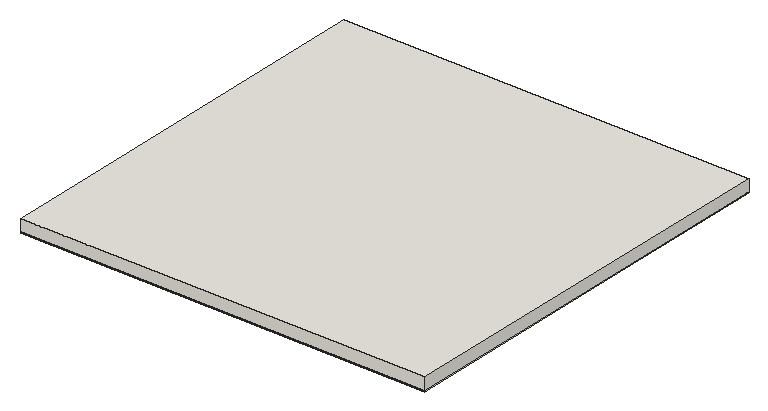
Revit family "ERA_LF_CS_SPO-6-36", category Осветительные приборы, Revit 2019
Family settings
  Размер круглого соединителя = Использовать диаметр
  Тип детали = Нормальный
  Номер OmniClass = 23.80.70.00
  Заголовок OmniClass = Lighting
  На основе рабочей плоскости = Нет
  Всегда вертикально = Да
  При загрузке вырезать с полостями = Нет
  Источник света = Да
  Общий = Нет
  Точка расчета площади = Да
Parameters (values of type "SPO-6-36-4K-M, LED, IP40, 595х595х19 мм (ДхШхВ), 36 Вт, 4000 К, 3060 лм, класс защиты I, в комплекте (импульсный драйвер, поликарбонат)")
  built-in parameter 1150104 = 13.8 (stored number, unit not read)
  Чаша подвеса [instance] = yes
  built-in parameter 1150134 = 2
  Файл фотометрической сетки = "SPO-6-36-4K-M.ies"
  Угол наклона = 90.00°
  built-in parameter 1150142 = "IESNA: LM-63-1995          \r\n[TEST] Протокол № 18-17/св\r\n[DATA] 09.03.2017         \r\n[MANUFAC]??РА\r\n[LUMCAT] Светильник светодиодный\r\n[LUMINAIRE] SPO-6-36-4K-M \r\n[LAMPCAT] Светодиоды         \r\n[LAMP] 4x30 SMD2835 SanAn    \r\n[BALASTCAT]          \r\n[OTHER]          \r\n[MORE]          \r\nTILT=NONE          \r\n1 -1 0.99894272 1801 4 1 2 0.595 0.595 0.019 \r\n1 1 31.7        \r\n0 0.1 0.2 0.3 0.4 0.5 0.6 0.7 0.8 0.9 \r\n 1 1.1 1.2 1.3 1.4 1.5 1.6 1.7 1.8 1.9\r\n 2 2.1 2.2 2.3 2.4 2.5 2.6 2.7 2.8 2.9\r\n 3 3.1 3.2 3.3 3.4 3.5 3.6 3.7 3.8 3.9\r\n 4 4.1 4.2 4.3 4.4 4.5 4.6 4.7 4.8 4.9\r\n 5 5.1 5.2 5.3 5.4 5.5 5.6 5.7 5.8 5.9\r\n 6 6.1 6.2 6.3 6.4 6.5 6.6 6.7 6.8 6.9\r\n 7 7.1 7.2 7.3 7.4 7.5 7.6 7.7 7.8 7.9\r\n 8 8.1 8.2 8.3 8.4 8.5 8.6 8.7 8.8 8.9\r\n 9 9.1 9.2 9.3 9.4 9.5 9.6 9.7 9.8 9.9\r\n 10 10.1 10.2 10.3 10.4 10.5 10.6 10.7 10.8 10.9\r\n 11 11.1 11.2 11.3 11.4 11.5 11.6 11.7 11.8 11.9\r\n 12 12.1 12.2 12.3 12.4 12.5 12.6 12.7 12.8 12.9\r\n 13 13.1 13.2 13.3 13.4 13.5 13.6 13.7 13.8 13.9\r\n 14 14.1 14.2 14.3 14.4 14.5 14.6 14.7 14.8 14.9\r\n 15 15.1 15.2 15.3 15.4 15.5 15.6 15.7 15.8 15.9\r\n 16 16.1 16.2 16.3 16.4 16.5 16.6 16.7 16.8 16.9\r\n 17 17.1 17.2 17.3 17.4 17.5 17.6 17.7 17.8 17.9\r\n 18 18.1 18.2 18.3 18.4 18.5 18.6 18.7 18.8 18.9\r\n 19 19.1 19.2 19.3 19.4 19.5 19.6 19.7 19.8 19.9\r\n 20 20.1 20.2 20.3 20.4 20.5 20.6 20.7 20.8 20.9\r\n 21 21.1 21.2 21.3 21.4 21.5 21.6 21.7 21.8 21.9\r\n 22 22.1 22.2 22.3 22.4 22.5 22.6 22.7 22.8 22.9\r\n 23 23.1 23.2 23.3 23.4 23.5 23.6 23.7 23.8 23.9\r\n 24 24.1 24.2 24.3 24.4 24.5 24.6 24.7 24.8 24.9\r\n 25 25.1 25.2 25.3 25.4 25.5 25.6 25.7 25.8 25.9\r\n 26 26.1 26.2 26.3 26.4 26.5 26.6 26.7 26.8 26.9\r\n 27 27.1 27.2 27.3 27.4 27.5 27.6 27.7 27.8 27.9\r\n 28 28.1 28.2 28.3 28.4 28.5 28.6 28.7 28.8 28.9\r\n 29 29.1 29.2 29.3 29.4 29.5 29.6 29.7 29.8 29.9\r\n 30 30.1 30.2 30.3 30.4 30.5 30.6 30.7 30.8 30.9\r\n 31 31.1 31.2 31.3 31.4 31.5 31.6 31.7 31.8 31.9\r\n 32 32.1 32.2 32.3 32.4 32.5 32.6 32.7 32.8 32.9\r\n 33 33.1 33.2 33.3 33.4 33.5 33.6 33.7 33.8 33.9\r\n 34 34.1 34.2 34.3 34.4 34.5 34.6 34.7 34.8 34.9\r\n 35 35.1 35.2 35.3 35.4 35.5 35.6 35.7 35.8 35.9\r\n 36 36.1 36.2 36.3 36.4 36.5 36.6 36.7 36.8 36.9\r\n 37 37.1 37.2 37.3 37.4 37.5 37.6 37.7 37.8 37.9\r\n 38 38.1 38.2 38.3 38.4 38.5 38.6 38.7 38.8 38.9\r\n 39 39.1 39.2 39.3 39.4 39.5 39.6 39.7 39.8 39.9\r\n 40 40.1 40.2 40.3 40.4 40.5 40.6 40.7 40.8 40.9\r\n 41 41.1 41.2 41.3 41.4 41.5 41.6 41.7 41.8 41.9\r\n 42 42.1 42.2 42.3 42.4 42.5 42.6 42.7 42.8 42.9\r\n 43 43.1 43.2 43.3 43.4 43.5 43.6 43.7 43.8 43.9\r\n 44 44.1 44.2 44.3 44.4 44.5 44.6 44.7 44.8 44.9\r\n 45 45.1 45.2 45.3 45.4 45.5 45.6 45.7 45.8 45.9\r\n 46 46.1 46.2 46.3 46.4 46.5 46.6 46.7 46.8 46.9\r\n 47 47.1 47.2 47.3 47.4 47.5 47.6 47.7 47.8 47.9\r\n 48 48.1 48.2 48.3 48.4 48.5 48.6 48.7 48.8 48.9\r\n 49 49.1 49.2 49.3 49.4 49.5 49.6 49.7 49.8 49.9\r\n 50 50.1 50.2 50.3 50.4 50.5 50.6 50.7 50.8 50.9\r\n 51 51.1 51.2 51.3 51.4 51.5 51.6 51.7 51.8 51.9\r\n 52 52.1 52.2 52.3 52.4 52.5 52.6 52.7 52.8 52.9\r\n 53 53.1 53.2 53.3 53.4 53.5 53.6 53.7 53.8 53.9\r\n 54 54.1 54.2 54.3 54.4 54.5 54.6 54.7 54.8 54.9\r\n 55 55.1 55.2 55.3 55.4 55.5 55.6 55.7 55.8 55.9\r\n 56 56.1 56.2 56.3 56.4 56.5 56.6 56.7 56.8 56.9\r\n 57 57.1 57.2 57.3 57.4 57.5 57.6 57.7 57.8 57.9\r\n 58 58.1 58.2 58.3 58.4 58.5 58.6 58.7 58.8 58.9\r\n 59 59.1 59.2 59.3 59.4 59.5 59.6 59.7 59.8 59.9\r\n 60 60.1 60.2 60.3 60.4 60.5 60.6 60.7 60.8 60.9\r\n 61 61.1 61.2 61.3 61.4 61.5 61.6 61.7 61.8 61.9\r\n 62 62.1 62.2 62.3 62.4 62.5 62.6 62.7 62.8 62.9\r\n 63 63.1 63.2 63.3 63.4 63.5 63.6 63.7 63.8 63.9\r\n 64 64.1 64.2 64.3 64.4 64.5 64.6 64.7 64.8 64.9\r\n 65 65.1 65.2 65.3 65.4 65.5 65.6 65.7 65.8 65.9\r\n 66 66.1 66.2 66.3 66.4 66.5 66.6 66.7 66.8 66.9\r\n 67 67.1 67.2 67.3 67.4 67.5 67.6 67.7 67.8 67.9\r\n 68 68.1 68.2 68.3 68.4 68.5 68.6 68.7 68.8 68.9\r\n 69 69.1 69.2 69.3 69.4 69.5 69.6 69.7 69.8 69.9\r\n 70 70.1 70.2 70.3 70.4 70.5 70.6 70.7 70.8 70.9\r\n 71 71.1 71.2 71.3 71.4 71.5 71.6 71.7 71.8 71.9\r\n 72 72.1 72.2 72.3 72.4 72.5 72.6 72.7 72.8 72.9\r\n 73 73.1 73.2 73.3 73.4 73.5 73.6 73.7 73.8 73.9\r\n 74 74.1 74.2 74.3 74.4 74.5 74.6 74.7 74.8 74.9\r\n 75 75.1 75.2 75.3 75.4 75.5 75.6 75.7 75.8 75.9\r\n 76 76.1 76.2 76.3 76.4 76.5 76.6 76.7 76.8 76.9\r\n 77 77.1 77.2 77.3 77.4 77.5 77.6 77.7 77.8 77.9\r\n 78 78.1 78.2 78.3 78.4 78.5 78.6 78.7 78.8 78.9\r\n 79 79.1 79.2 79.3 79.4 79.5 79.6 79.7 79.8 79.9\r\n 80 80.1 80.2 80.3 80.4 80.5 80.6 80.7 80.8 80.9\r\n 81 81.1 81.2 81.3 81.4 81.5 81.6 81.7 81.8 81.9\r\n 82 82.1 82.2 82.3 82.4 82.5 82.6 82.7 82.8 82.9\r\n 83 83.1 83.2 83.3 83.4 83.5 83.6 83.7 83.8 83.9\r\n 84 84.1 84.2 84.3 84.4 84.5 84.6 84.7 84.8 84.9\r\n 85 85.1 85.2 85.3 85.4 85.5 85.6 85.7 85.8 85.9\r\n 86 86.1 86.2 86.3 86.4 86.5 86.6 86.7 86.8 86.9\r\n 87 87.1 87.2 87.3 87.4 87.5 87.6 87.7 87.8 87.9\r\n 88 88.1 88.2 88.3 88.4 88.5 88.6 88.7 88.8 88.9\r\n 89 89.1 89.2 89.3 89.4 89.5 89.6 89.7 89.8 89.9\r\n 90 90.1 90.2 90.3 90.4 90.5 90.6 90.7 90.8 90.9\r\n 91 91.1 91.2 91.3 91.4 91.5 91.6 91.7 91.8 91.9\r\n 92 92.1 92.2 92.3 92.4 92.5 92.6 92.7 92.8 92.9\r\n 93 93.1 93.2 93.3 93.4 93.5 93.6 93.7 93.8 93.9\r\n 94 94.1 94.2 94.3 94.4 94.5 94.6 94.7 94.8 94.9\r\n 95 95.1 95.2 95.3 95.4 95.5 95.6 95.7 95.8 95.9\r\n 96 96.1 96.2 96.3 96.4 96.5 96.6 96.7 96.8 96.9\r\n 97 97.1 97.2 97.3 97.4 97.5 97.6 97.7 97.8 97.9\r\n 98 98.1 98.2 98.3 98.4 98.5 98.6 98.7 98.8 98.9\r\n 99 99.1 99.2 99.3 99.4 99.5 99.6 99.7 99.8 99.9\r\n 100 100.1 100.2 100.3 100.4 100.5 100.6 100.7 100.8 100.9\r\n 101 101.1 101.2 101.3 101.4 101.5 101.6 101.7 101.8 101.9\r\n 102 102.1 102.2 102.3 102.4 102.5 102.6 102.7 102.8 102.9\r\n 103 103.1 103.2 103.3 103.4 103.5 103.6 103.7 103.8 103.9\r\n 104 104.1 104.2 104.3 104.4 104.5 104.6 104.7 104.8 104.9\r\n 105 105.1 105.2 105.3 105.4 105.5 105.6 105.7 105.8 105.9\r\n 106 106.1 106.2 106.3 106.4 106.5 106.6 106.7 106.8 106.9\r\n 107 107.1 107.2 107.3 107.4 107.5 107.6 107.7 107.8 107.9\r\n 108 108.1 108.2 108.3 108.4 108.5 108.6 108.7 108.8 108.9\r\n 109 109.1 109.2 109.3 109.4 109.5 109.6 109.7 109.8 109.9\r\n 110 110.1 110.2 110.3 110.4 110.5 110.6 110.7 110.8 110.9\r\n 111 111.1 111.2 111.3 111.4 111.5 111.6 111.7 111.8 111.9\r\n 112 112.1 112.2 112.3 112.4 112.5 112.6 112.7 112.8 112.9\r\n 113 113.1 113.2 113.3 113.4 113.5 113.6 113.7 113.8 113.9\r\n 114 114.1 114.2 114.3 114.4 114.5 114.6 114.7 114.8 114.9\r\n 115 115.1 115.2 115.3 115.4 115.5 115.6 115.7 115.8 115.9\r\n 116 116.1 116.2 116.3 116.4 116.5 116.6 116.7 116.8 116.9\r\n 117 117.1 117.2 117.3 117.4 117.5 117.6 117.7 117.8 117.9\r\n 118 118.1 118.2 118.3 118.4 118.5 118.6 118.7 118.8 118.9\r\n 119 119.1 119.2 119.3 119.4 119.5 119.6 119.7 119.8 119.9\r\n 120 120.1 120.2 120.3 120.4 120.5 120.6 120.7 120.8 120.9\r\n 121 121.1 121.2 121.3 121.4 121.5 121.6 121.7 121.8 121.9\r\n 122 122.1 122.2 122.3 122.4 122.5 122.6 122.7 122.8 122.9\r\n 123 123.1 123.2 123.3 123.4 123.5 123.6 123.7 123.8 123.9\r\n 124 124.1 124.2 124.3 124.4 124.5 124.6 124.7 124.8 124.9\r\n 125 125.1 125.2 125.3 125.4 125.5 125.6 125.7 125.8 125.9\r\n 126 126.1 126.2 126.3 126.4 126.5 126.6 126.7 126.8 126.9\r\n 127 127.1 127.2 127.3 127.4 127.5 127.6 127.7 127.8 127.9\r\n 128 128.1 128.2 128.3 128.4 128.5 128.6 128.7 128.8 128.9\r\n 129 129.1 129.2 129.3 129.4 129.5 129.6 129.7 129.8 129.9\r\n 130 130.1 130.2 130.3 130.4 130.5 130.6 130.7 130.8 130.9\r\n 131 131.1 131.2 131.3 131.4 131.5 131.6 131.7 131.8 131.9\r\n 132 132.1 132.2 132.3 132.4 132.5 132.6 132.7 132.8 132.9\r\n 133 133.1 133.2 133.3 133.4 133.5 133.6 133.7 133.8 133.9\r\n 134 134.1 134.2 134.3 134.4 134.5 134.6 134.7 134.8 134.9\r\n 135 135.1 135.2 135.3 135.4 135.5 135.6 135.7 135.8 135.9\r\n 136 136.1 136.2 136.3 136.4 136.5 136.6 136.7 136.8 136.9\r\n 137 137.1 137.2 137.3 137.4 137.5 137.6 137.7 137.8 137.9\r\n 138 138.1 138.2 138.3 138.4 138.5 138.6 138.7 138.8 138.9\r\n 139 139.1 139.2 139.3 139.4 139.5 139.6 139.7 139.8 139.9\r\n 140 140.1 140.2 140.3 140.4 140.5 140.6 140.7 140.8 140.9\r\n 141 141.1 141.2 141.3 141.4 141.5 141.6 141.7 141.8 141.9\r\n 142 142.1 142.2 142.3 142.4 142.5 142.6 142.7 142.8 142.9\r\n 143 143.1 143.2 143.3 143.4 143.5 143.6 143.7 143.8 143.9\r\n 144 144.1 144.2 144.3 144.4 144.5 144.6 144.7 144.8 144.9\r\n 145 145.1 145.2 145.3 145.4 145.5 145.6 145.7 145.8 145.9\r\n 146 146.1 146.2 146.3 146.4 146.5 146.6 146.7 146.8 146.9\r\n 147 147.1 147.2 147.3 147.4 147.5 147.6 147.7 147.8 147.9\r\n 148 148.1 148.2 148.3 148.4 148.5 148.6 148.7 148.8 148.9\r\n 149 149.1 149.2 149.3 149.4 149.5 149.6 149.7 149.8 149.9\r\n 150 150.1 150.2 150.3 150.4 150.5 150.6 150.7 150.8 150.9\r\n 151 151.1 151.2 151.3 151.4 151.5 151.6 151.7 151.8 151.9\r\n 152 152.1 152.2 152.3 152.4 152.5 152.6 152.7 152.8 152.9\r\n 153 153.1 153.2 153.3 153.4 153.5 153.6 153.7 153.8 153.9\r\n 154 154.1 154.2 154.3 154.4 154.5 154.6 154.7 154.8 154.9\r\n 155 155.1 155.2 155.3 155.4 155.5 155.6 155.7 155.8 155.9\r\n 156 156.1 156.2 156.3 156.4 156.5 156.6 156.7 156.8 156.9\r\n 157 157.1 157.2 157.3 157.4 157.5 157.6 157.7 157.8 157.9\r\n 158 158.1 158.2 158.3 158.4 158.5 158.6 158.7 158.8 158.9\r\n 159 159.1 159.2 159.3 159.4 159.5 159.6 159.7 159.8 159.9\r\n 160 160.1 160.2 160.3 160.4 160.5 160.6 160.7 160.8 160.9\r\n 161 161.1 161.2 161.3 161.4 161.5 161.6 161.7 161.8 161.9\r\n 162 162.1 162.2 162.3 162.4 162.5 162.6 162.7 162.8 162.9\r\n 163 163.1 163.2 163.3 163.4 163.5 163.6 163.7 163.8 163.9\r\n 164 164.1 164.2 164.3 164.4 164.5 164.6 164.7 164.8 164.9\r\n 165 165.1 165.2 165.3 165.4 165.5 165.6 165.7 165.8 165.9\r\n 166 166.1 166.2 166.3 166.4 166.5 166.6 166.7 166.8 166.9\r\n 167 167.1 167.2 167.3 167.4 167.5 167.6 167.7 167.8 167.9\r\n 168 168.1 168.2 168.3 168.4 168.5 168.6 168.7 168.8 168.9\r\n 169 169.1 169.2 169.3 169.4 169.5 169.6 169.7 169.8 169.9\r\n 170 170.1 170.2 170.3 170.4 170.5 170.6 170.7 170.8 170.9\r\n 171 171.1 171.2 171.3 171.4 171.5 171.6 171.7 171.8 171.9\r\n 172 172.1 172.2 172.3 172.4 172.5 172.6 172.7 172.8 172.9\r\n 173 173.1 173.2 173.3 173.4 173.5 173.6 173.7 173.8 173.9\r\n 174 174.1 174.2 174.3 174.4 174.5 174.6 174.7 174.8 174.9\r\n 175 175.1 175.2 175.3 175.4 175.5 175.6 175.7 175.8 175.9\r\n 176 176.1 176.2 176.3 176.4 176.5 176.6 176.7 176.8 176.9\r\n 177 177.1 177.2 177.3 177.4 177.5 177.6 177.7 177.8 177.9\r\n 178 178.1 178.2 178.3 178.4 178.5 178.6 178.7 178.8 178.9\r\n 179 179.1 179.2 179.3 179.4 179.5 179.6 179.7 179.8 179.9\r\n 180         \r\n0 90 180 270       \r\n1428.38 1419.71 1418.51 1424.72 1420.81 1420.91 1420.91 1415.35 1415.35 1414.35 \r\n 1420.76 1416.80 1421.66 1413.65 1412.15 1418.86 1413.15 1413.25 1419.11 1413.70\r\n 1408.29 1414.65 1414.10 1408.89 1415.00 1408.94 1403.68 1412.20 1413.50 1406.13\r\n 1411.49 1406.79 1400.37 1408.84 1403.03 1403.38 1409.69 1399.27 1399.82 1406.79\r\n 1396.32 1401.48 1401.48 1406.18 1390.95 1397.72 1404.23 1392.91 1399.62 1399.07\r\n 1396.67 1391.81 1391.81 1392.16 1398.12 1383.39 1389.55 1397.87 1385.39 1392.56\r\n 1382.54 1389.45 1389.45 1387.30 1386.60 1391.16 1376.98 1381.59 1390.30 1378.18\r\n 1388.10 1373.62 1373.62 1379.98 1386.95 1377.18 1382.54 1376.68 1372.67 1381.94\r\n 1377.13 1381.84 1367.41 1367.41 1374.37 1381.39 1370.16 1375.88 1377.88 1365.35\r\n 1378.08 1369.06 1374.42 1374.42 1369.41 1366.01 1373.12 1365.66 1368.66 1374.22\r\n 1365.46 1372.47 1361.80 1361.80 1367.96 1371.62 1356.89 1362.45 1371.02 1358.89\r\n 1368.71 1354.13 1360.60 1360.60 1367.61 1355.99 1362.05 1366.61 1353.48 1358.34\r\n 1355.74 1359.29 1364.65 1364.65 1351.58 1354.68 1363.30 1356.94 1356.99 1361.55\r\n 1350.78 1358.99 1356.09 1356.09 1353.18 1359.39 1360.35 1348.97 1354.93 1362.10\r\n 1356.39 1359.84 1345.57 1345.57 1351.83 1358.19 1349.07 1351.78 1356.89 1354.08\r\n 1351.88 1358.09 1347.02 1347.02 1352.28 1356.29 1343.51 1346.47 1352.48 1351.28\r\n 1351.28 1352.88 1339.40 1345.67 1351.73 1342.11 1344.16 1349.12 1348.22 1336.65\r\n 1341.91 1348.97 1336.75 1341.11 1345.27 1340.46 1332.74 1337.60 1343.91 1331.59\r\n 1335.75 1339.30 1333.64 1326.33 1331.04 1337.20 1324.78 1328.28 1331.19 1326.18\r\n 1318.16 1322.92 1328.88 1317.01 1319.77 1322.67 1319.87 1308.95 1314.61 1319.27\r\n 1310.75 1311.35 1314.16 1314.11 1300.78 1305.84 1310.75 1304.59 1301.13 1305.24\r\n 1305.74 1291.86 1296.02 1300.98 1295.97 1291.26 1295.22 1297.07 1282.19 1285.15\r\n 1291.21 1287.05 1281.64 1286.05 1287.80 1273.23 1275.93 1281.99 1283.55 1272.47\r\n 1276.78 1278.59 1266.01 1265.91 1271.52 1275.13 1262.40 1266.11 1269.12 1261.80\r\n 1255.29 1260.85 1265.06 1255.14 1255.99 1259.05 1260.25 1245.62 1248.63 1253.54\r\n 1252.79 1243.72 1247.68 1249.38 1240.11 1235.20 1239.81 1243.67 1233.30 1234.25\r\n 1236.25 1235.65 1222.33 1225.03 1228.74 1228.74 1218.67 1221.93 1223.08 1213.96\r\n 1208.95 1211.81 1216.21 1205.79 1205.19 1206.45 1206.80 1192.77 1193.07 1196.93\r\n 1198.58 1186.36 1188.36 1189.76 1188.46 1174.38 1176.44 1180.09 1179.74 1169.22\r\n 1171.93 1172.88 1169.67 1157.80 1160.31 1163.01 1164.76 1153.14 1155.05 1156.45\r\n 1155.45 1141.67 1143.42 1146.83 1149.69 1137.61 1138.71 1140.27 1140.22 1127.74\r\n 1127.34 1130.20 1133.75 1125.99 1123.08 1124.34 1125.39 1118.37 1111.21 1114.22\r\n 1117.27 1112.81 1106.30 1108.41 1109.11 1104.90 1094.53 1096.33 1099.54 1101.14\r\n 1089.42 1089.82 1091.32 1091.57 1080.55 1077.34 1080.20 1083.11 1080.65 1071.73\r\n 1073.54 1074.04 1073.24 1059.56 1060.36 1062.62 1065.17 1057.26 1054.05 1055.00\r\n 1055.15 1051.54 1039.72 1040.92 1043.08 1044.53 1034.76 1033.01 1033.56 1033.26\r\n 1027.60 1017.83 1018.83 1020.53 1022.09 1011.32 1010.21 1010.77 1009.96 1005.66\r\n 994.83 995.39 996.99 998.14 989.07 985.77 986.22 985.42 982.11 969.49\r\n 969.44 970.54 971.84 966.23 959.37 959.57 958.86 957.61 945.29 942.48\r\n 943.63 944.59 944.69 934.47 933.31 933.26 932.31 926.65 917.28 917.53\r\n 918.14 919.64 916.73 908.17 908.47 907.72 906.36 899.05 892.44 893.14\r\n 894.44 895.54 888.58 884.27 884.67 884.12 882.92 872.55 869.39 870.39\r\n 871.49 872.70 866.74 861.93 862.33 861.63 860.07 851.71 847.20 847.80\r\n 849.25 850.15 844.14 839.93 840.23 839.43 838.68 829.61 825.56 826.11\r\n 826.86 828.51 824.20 817.94 818.49 817.49 816.29 810.48 803.01 803.41\r\n 804.41 805.42 800.91 795.45 795.30 794.34 793.44 788.03 780.12 779.67\r\n 780.47 781.37 780.67 771.75 771.15 770.70 769.05 766.59 756.37 755.27\r\n 755.82 756.17 756.72 748.51 746.05 745.30 744.40 741.89 733.58 729.77\r\n 730.07 730.57 731.12 725.51 720.75 720.65 719.20 717.90 711.68 704.92\r\n 704.52 704.82 705.57 705.02 696.65 695.45 694.55 693.20 690.74 681.48\r\n 679.47 679.27 679.77 679.92 673.61 670.20 669.70 668.45 666.35 661.24\r\n 653.87 653.52 653.27 653.92 652.52 644.85 643.95 642.70 641.50 637.94\r\n 630.28 627.27 626.92 626.97 627.17 621.66 617.70 616.95 615.00 613.09\r\n 606.53 600.82 600.02 599.77 600.17 597.46 591.30 589.90 588.59 586.54\r\n 583.89 575.02 572.76 572.46 572.66 572.36 566.20 563.35 562.24 560.54\r\n 557.98 553.23 546.61 545.61 545.31 545.56 544.36 537.14 535.89 534.34\r\n 532.44 529.13 521.16 518.96 518.01 518.21 517.81 514.10 508.94 507.94\r\n 505.78 503.78 498.47 491.86 490.80 489.60 490.30 489.20 483.54 481.14\r\n 479.78 477.28 474.12 468.26 463.85 463.15 462.65 462.40 459.89 454.88\r\n 453.03 451.48 448.82 444.81 438.55 436.20 435.40 434.90 434.49 430.29\r\n 426.73 425.08 422.42 420.22 415.41 410.05 408.34 407.69 407.19 406.64\r\n 401.18 398.73 397.17 394.62 392.06 386.35 382.09 380.94 379.99 379.69\r\n 378.94 373.38 371.37 369.57 366.91 364.46 358.35 355.24 353.64 353.19\r\n 352.74 350.48 346.57 344.62 342.87 340.06 337.31 331.19 328.59 327.49\r\n 326.84 326.53 326.53 323.98 320.42 318.62 316.67 314.11 311.61 305.59\r\n 302.24 301.69 301.69 301.44 299.08 295.78 294.07 292.17 289.76 287.26\r\n 279.09 278.34 278.34 277.99 277.44 276.04 272.73 270.93 269.12 266.87\r\n 259.50 256.75 256.75 256.00 255.50 255.55 254.85 251.49 249.74 248.48\r\n 243.47 240.17 240.17 236.66 235.46 235.26 235.26 234.91 232.80 230.40\r\n 227.34 225.09 225.09 223.18 218.68 217.12 216.57 216.27 216.52 215.97\r\n 211.66 210.41 210.41 208.20 206.50 202.99 200.09 199.44 199.04 199.14\r\n 197.43 195.48 195.48 194.38 192.62 191.02 188.52 185.26 183.51 182.86\r\n 182.96 182.96 182.96 180.45 179.50 178.00 176.74 174.39 172.23 169.03\r\n 167.83 168.03 168.03 168.28 167.33 165.47 164.37 163.37 161.31 158.96\r\n 154.35 153.95 153.95 153.90 154.15 154.30 152.65 151.49 150.24 148.69\r\n 144.48 141.73 141.73 140.97 140.62 140.87 141.53 140.57 139
